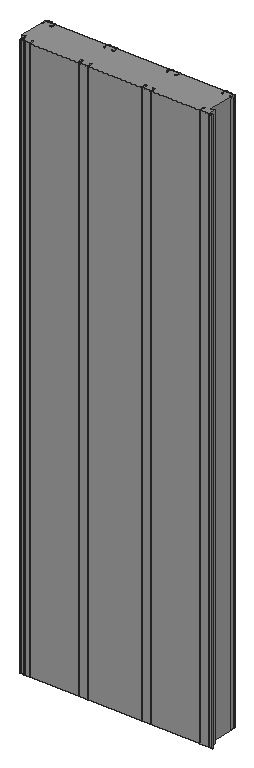
Revit family "1A- Wall Panel", category Generic Models, Revit 2019 (continued)
Definition of nested family "Common Stud"
  Forms (in)
    Extrusion 1, solid
      sketch origin (0, 0, 0) x (1, 0, 0) y (0, 1, 0)
        loop
          arc (-1.25, -0.44536) -> (-1.20654, -0.55029) -> (-1.10161, -0.59375) r 0.14839
          line (-1.10161, -0.59375) -> (1.1563, -0.59375)
          arc (1.1563, -0.59375) -> (1.22256, -0.56631) -> (1.25, -0.50005) r 0.0937
          line (1.25, -0.50005) -> (1.25, 0.50005)
          arc (1.25, 0.50005) -> (1.22256, 0.56631) -> (1.1563, 0.59375) r 0.0937
          line (1.1563, 0.59375) -> (0.9065, 0.59375) -> (0.9065, 0.56225) -> (1.15591, 0.56225)
          arc (1.15591, 0.56225) -> (1.20017, 0.54392) -> (1.2185, 0.49966) r 0.0626
          line (1.2185, 0.49966) -> (1.2185, -0.49966)
          arc (1.2185, -0.49966) -> (1.20017, -0.54392) -> (1.15591, -0.56225) r 0.0626
          line (1.15591, -0.56225) -> (-1.10122, -0.56225)
          arc (-1.10122, -0.56225) -> (-1.18415, -0.5279) -> (-1.2185, -0.44497) r 0.11729
          line (-1.2185, -0.44497) -> (-1.2185, 0.45284)
          arc (-1.2185, 0.45284) -> (-1.18646, 0.53021) -> (-1.10909, 0.56225) r 0.10941
          line (-1.10909, 0.56225) -> (-0.85968, 0.56225) -> (-0.85968, 0.59375) -> (-1.10949, 0.59375)
          arc (-1.10949, 0.59375) -> (-1.20884, 0.55259) -> (-1.25, 0.45324) r 0.14051
      from 0 to 144
  Dimensions and locks (in)
    Extrusion 1 sketch curve to Extrusion 1 sketch curve = 0' - 0.0315"  (x5)
    equal spacing: plane 4, plane 3 "Center (Left/Right)", plane 5
    equal spacing: plane 6, plane 1 "Center (Front/Back)", plane 7
    "Depth": plane 6 to plane 7
    "Width_x": plane 4 to plane 5
    "Height_x": plane 8 to plane 2
    aligned and locked: plane 2 to level
    aligned and locked: Extrusion 1 sketch curve to plane 6  (x2)
    aligned and locked: Extrusion 1 sketch curve to plane 5
    aligned and locked: Extrusion 1 sketch curve to plane 7
    aligned and locked: plane 4 to Extrusion 1 sketch curve
    aligned and locked: plane 8 to Extrusion 1
  Automatic sketch dimensions
    Extrusion 1 sketch curve to plane 4 = 0' - 0.14051"
    Extrusion 1 sketch curve to Extrusion 1 sketch curve = 0' - 0.00039"  (x5)
    Extrusion 1 sketch curve to plane 4 = 0' - 0.14839"
    Extrusion 1 sketch curve to Extrusion 1 sketch curve = 0' - 0.24941"
    Extrusion 1 sketch curve to Extrusion 1 sketch curve = 0' - 0.31201"
    Extrusion 1 sketch curve to Extrusion 1 sketch curve = 0' - 0.0626"  (x2)
Types (4): name | Trail Studs Height 2 | Trail Gable Cut Height | Top of cut void | TCH | Trail Conn. Distance EXT | Reinforcement Trail Stud D | Reinforcement Trail Stud Height | Reinforcement Lead Stud Height | Partial top Ledge Start | Partial Top Ledge Length | Trail Studs Height | Lead Studs Height | Lead Gable Cut Height | LCH | LBH | Int. Trail Conn. Stud Height | Reinforcement Lead Stud D | Panel Thickness | Panel Height | Top Ledge Height | Ledge Studs | Top Ledge Depth | Lead Conn. Distance EXT | Interior Stud Height | Female Trail Exterior | Female Lead Interior | Female Lead Exterior | Female Lead | Trail Conn. Distance INT | Lead Conn. Distance INT | Not Female Lead | Exterior Stud Height | Cut Line RF | Cut Line LF | Cut Line RB | Cut Line LB | Connector Trail Stud Height 2 | Connector Trail Stud Height | Connector Lead Stud Height | Comp. Stud Trail Exterior | Comp. Stud Trail Interior | Comp. Stud Lead Exterior | Comp. Stud Lead Interior | Com Conn Stud Trail INT | Bottom Ledge Height | Bottom Ledge Depth | Bottom Ledge | Angled Trail | Angled Lead
  9 1/4" | 10' - 4" | 0' - 0" | 12' - 1" | 12' - 0" | 0' - 9 1/4" | 0' - 5" | 12' - 0" | 12' - 0" | 0' - 0" | 0' - 0" | 12' - 0" | 12' - 0" | 0' - 0" | 12' - 0" | 0' - 0" | 10' - 4" | 0' - 1 5/8" | 0' - 9 1/4" | 12' - 0" | 1' - 1 1/2" | 12' - 0" | 0' - 3 3/4" | 0' - 9 1/4" | 12' - 0" | no | no | no | yes | 0' - 9 1/4" | 0' - 9 1/4" | no | 12' - 0" | 4' - 0" | 3' - 0" | 2' - 6" | 1' - 0" | 12' - 0" | 12' - 0" | 12' - 0" | 0' - 11 3/4" | 0' - 11 3/4" | 0' - 11 3/4" | 0' - 11 3/4" | 0' - 9 1/4" | 1' - 8" | 0' - 4" | no | no | no
  11 1/4" | 8' - 8" | 2' - 0" | 12' - 1" | 10' - 0" | 0' - 11 1/4" | 0' - 5" | 10' - 4" | 10' - 4" | 1' - 2 3/4" | 5' - 0" | 10' - 4" | 10' - 4" | 1' - 0" | 11' - 0 7/32" | 1' - 8" | 8' - 8" | 0' - 1 5/8" | 0' - 11 1/4" | 12' - 0" | 1' - 0" | 10' - 4" | 0' - 1 1/2" | 0' - 11 1/4" | 10' - 4" | yes | no | yes | yes | 0' - 11 1/4" | 0' - 11 1/4" | no | 12' - 0" | 5' - 9" | 5' - 6" | 6' - 8" | 5' - 6" | 10' - 4" | 10' - 4" | 10' - 4" | 1' - 1 3/4" | 1' - 1 3/4" | 1' - 1 3/4" | 1' - 1 3/4" | 0' - 11 1/4" | 1' - 8" | 0' - 1 3/4" | yes | no | no
  7 1/2" | 8' - 10" | 0' - 0" | 10' - 1" | 10' - 0" | 0' - 7 1/2" | 0' - 5" | 10' - 0" | 10' - 0" | 0' - 0" | 4' - 9 1/4" | 10' - 0" | 10' - 0" | 0' - 0" | 10' - 0" | 0' - 0" | 8' - 10" | 0' - 1 5/8" | 0' - 7 1/2" | 10' - 0" | 1' - 2 1/2" | 10' - 0" | 0' - 3 3/4" | 0' - 7 1/2" | 10' - 0" | no | no | no | yes | 0' - 7 1/2" | 0' - 7 1/2" | no | 10' - 0" | 4' - 0" | 3' - 0" | 2' - 6" | 1' - 0" | 10' - 0" | 10' - 0" | 10' - 0" | 0' - 10" | 0' - 10" | 0' - 10" | 0' - 10" | 0' - 7 1/2" | 1' - 2" | 0' - 2 3/4" | no | no | no
  5 1/2" | 4' - 8" | 0' - 0" | 8' - 1" | 8' - 0" | 0' - 5 1/2" | 0' - 5 7/8" | 6' - 4" | 6' - 4" | 0' - 0" | 10' - 11 3/4" | 6' - 4" | 6' - 4" | 0' - 0" | 8' - 0" | 1' - 8" | 6' - 4" | 0' - 2 1/2" | 0' - 5 1/2" | 8' - 0" | 1' - 2 1/2" | 6' - 4" | 0' - 3 3/4" | 0' - 5 1/2" | 6' - 4" | no | yes | no | no | 0' - 5 1/2" | 0' - 5 1/2" | yes | 8' - 0" | 5' - 9" | 5' - 6" | 6' - 8" | 5' - 6" | 6' - 4" | 6' - 4" | 6' - 4" | 0' - 8" | 0' - 8" | 0' - 8" | 0' - 8" | 0' - 5 1/2" | 1' - 8" | 0' - 1 3/4" | yes | yes | yes
